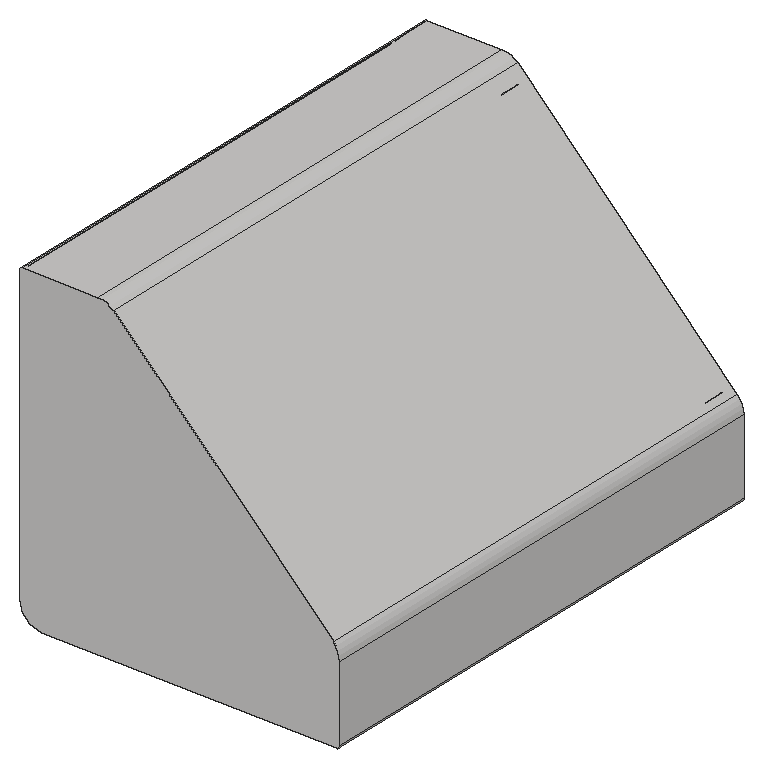
Revit family "xCorner_Waste_Receptacle-Bobrick-Surface_Mounted-B-268", category Specialty Equipment, host Face, Revit 2014
Parameters (values of type "B-268")
  Width = 14 9/16"
  URL = "http://www.bobrick.com/Pages/default.aspx"
  Type Comments = ""
  Specification = "Surface-mounted corner waste receptacle shall be constructed of type 304, 22 gauge (0.8mm) stainless steel with all-welded construction; exposed surfaces shall have satin finish. Top and bottom edges shall be hemmed for safety. Waste receptacle shall have three spot-welded interior hooks and two hooks adhered to the front for attaching the vinyl liner. Waste receptacle shall have a capacity of 1.8 cu. ft. (13.4 gallons) and be furnished with a vinyl liner."
  Product Page URL = "http://www.bobrick.com/washroomaccessories/Pages/Products.aspx?Category%3dCombination+Towel%2fWaste+Units"
  Price = "Prices may vary. Please consult Manufacturer Representative for most up-to-date price list."  # constant formula
  Model = "B-268"
  Material = "Metal-Bobrick-304-Stainless Steel-Satin finish\r\n\r\nMetal-Bobrick-304-Stainless Steel-Satin finish"
  Manufacturer = "Bobrick"
  Length = 20 9/16"
  Installation Type = "Surface Mounted"
  Height = 23"
  Description = "Surface-Mounted Corner Waste Receptacle"
  Default Elevation = 40"
  Creation Date = "07/26/2016"
  Assembly Code = "E2010"
Reference planes (in)
  plane 1 "Center (Front/Back)": y = 0
  plane 2: z = 0
  plane 3 "Center (Left/Right)": x = 0
  plane 4: x = 14.562437
  plane 5: z = 0.4738875
  plane 6: x = 0.0299966
  plane 7: x = 0.033933
  plane 8: x = 0.0599934
  plane 9: x = 0.0639303
  plane 10: through (4.1679569, 43.8897621, 13.6938925) normal (-0.7071, 0, -0.7071)
  plane 11: through (0.7463732, 43.8897621, 0.5218818) normal (0.7071, 0, 0.7071)
  plane 12: x = 0.4738875
  plane 13: through (13.468479, 43.8897621, 4.3933704) normal (-0.7071, 0, -0.7071)
  plane 14: through (5.899359, 0, 12.5039884) normal (-0.7071, 0, -0.7071)
  plane 15: z = 14.471509
  plane 16: z = 14.5625
  plane 17: x = 0.0899904
  plane 18: x = 14.4724466
  plane 19: z = 0.0899904
Forms (in)
  Extrusion 1, void
    sketch origin (14.562437, -23, 0) x (-1, 0, 0) y (0, -1, 0)
      loop
        circle (3.5312185, -18.125) r 0.125
      loop
        circle (11.2812185, -18.125) r 0.125
      loop
        circle (11.2812185, -4.875) r 0.125
      loop
        circle (3.5312185, -4.875) r 0.125
    from -0.3254342 to 0.529945
  Extrusion 2, solid, material "Stainless Steel-Bobrick-Type 304-Satin"
    sketch origin (0, -23, 0) x (1, 0, 0) y (0, 0, -1)
      loop
        arc (14.2090193, -4.1957426) -> (14.4039841, -3.9039573) -> (14.4724466, -3.5597731) r 0.8993968
        line (14.4724466, -3.5597731) -> (14.4724466, -0.1220516)
        arc (14.4724466, -0.1220516) -> (14.463056, -0.0993809) -> (14.4403854, -0.0899904) r 0.0320612
        line (14.4403854, -0.0899904) -> (1, -0.0899904)
        arc (1, -0.0899904) -> (0.356526, -0.356526) -> (0.0899904, -1) r 0.9100096
        line (0.0899904, -1) -> (0.0899904, -14.4426284)
        arc (0.0899904, -14.4426284) -> (0.0987424, -14.4637576) -> (0.1198716, -14.4725096) r 0.0298812
        line (0.1198716, -14.4725096) -> (3.5576003, -14.4725096)
        arc (3.5576003, -14.4725096) -> (3.9037337, -14.4036594) -> (4.1971714, -14.2075906) r 0.9044901
        line (4.1971714, -14.2075906) -> (14.2090193, -4.1957426)
    from 0 to 0.09375
  Extrusion 3, solid, material "Stainless Steel-Bobrick-Type 304-Satin"
    sketch origin (13.6548756, 20.1773057, -112.7031678) x (0, 0, 1) y (0, 1, 0)
      loop
        line (112.7371008, -20.7085557) -> (112.7371008, -21.6286986)
        arc (112.7371008, -21.6286986) -> (112.9570781, -21.8486759) -> (113.1770553, -21.6286986) r 0.2199772
        line (113.1770553, -21.6286986) -> (113.1458053, -21.6286986)
        arc (113.1458053, -21.6286986) -> (112.9570781, -21.8174259) -> (112.7683508, -21.6286986) r 0.1887272
        line (112.7683508, -21.6286986) -> (112.7683508, -20.7085557) -> (112.7371008, -20.7085557)
    from 0 to 0.3125
  Sweep 4, solid, material "Stainless Steel-Bobrick-Type 304-Satin"
    path origin (0, -23, 0) x (1, 0, 0) y (0, 0, -1)
      loop
        line (0, -1) -> (0, -14.4426284)
        arc (0, -14.4426284) -> (0.0351096, -14.5273904) -> (0.1198716, -14.5625) r 0.1198716
        line (0.1198716, -14.5625) -> (3.5576003, -14.5625)
        arc (3.5576003, -14.5625) -> (3.9381715, -14.4867997) -> (4.2608042, -14.2712234) r 0.9944805
        line (4.2608042, -14.2712234) -> (14.2726522, -4.2593754)
        arc (14.2726522, -4.2593754) -> (14.4871243, -3.9383951) -> (14.562437, -3.5597731) r 0.9893871
        line (14.562437, -3.5597731) -> (14.562437, -0.1220516)
        arc (14.562437, -0.1220516) -> (14.5266889, -0.0357481) -> (14.4403854, 0) r 0.1220516
        line (14.4403854, 0) -> (1, 0)
        arc (1, 0) -> (0.2928932, -0.2928932) -> (0, -1) r 1
    profile origin (0, -23, 7.7213142) x (1, 0, 0) y (0, 1, 0)
      loop
        line (0, 0) -> (0.0899904, 0) -> (0.0899904, 21) -> (0.033933, 21.8687716) -> (0.033933, 23) -> (0, 23) -> (0, 0)
  Extrusion 5, solid, material "Stainless Steel-Bobrick-Type 304-Satin"
    sketch origin (84.1984656, 20.1773057, 93.7199104) x (-0.707107, 0, -0.707107) y (0, 1, 0)
      loop
        line (112.7371008, -20.7085557) -> (112.7371008, -21.6286986)
        arc (112.7371008, -21.6286986) -> (112.9570781, -21.8486759) -> (113.1770553, -21.6286986) r 0.2199772
        line (113.1770553, -21.6286986) -> (113.1458053, -21.6286986)
        arc (113.1458053, -21.6286986) -> (112.9570781, -21.8174259) -> (112.7683508, -21.6286986) r 0.1887272
        line (112.7683508, -21.6286986) -> (112.7683508, -20.7085557) -> (112.7371008, -20.7085557)
    from 0 to 0.3125
  Extrusion 6, solid, material "Stainless Steel-Bobrick-Type 304-Satin"
    sketch origin (-79.2841355, 20.1773057, -79.5041361) x (0.707107, 0, 0.707107) y (0, 1, 0)
      loop
        line (112.7371008, -20.7085557) -> (112.7371008, -21.6286986)
        arc (112.7371008, -21.6286986) -> (112.9570781, -21.8486759) -> (113.1770553, -21.6286986) r 0.2199772
        line (113.1770553, -21.6286986) -> (113.1458053, -21.6286986)
        arc (113.1458053, -21.6286986) -> (112.9570781, -21.8174259) -> (112.7683508, -21.6286986) r 0.1887272
        line (112.7683508, -21.6286986) -> (112.7683508, -20.7085557) -> (112.7371008, -20.7085557)
    from 0 to 0.3125
  Extrusion 7, solid, material "Stainless Steel-Bobrick-Type 304-Satin"
    sketch origin (-112.7031678, 20.1773057, 13.6549062) x (0, -1, 0) y (1, 0, 0)
      loop
        line (20.7085557, 112.7371008) -> (21.6286986, 112.7371008)
        arc (21.6286986, 112.7371008) -> (21.8486759, 112.9570781) -> (21.6286986, 113.1770553) r 0.2199772
        line (21.6286986, 113.1770553) -> (21.6286986, 113.1458053)
        arc (21.6286986, 113.1458053) -> (21.8174259, 112.9570781) -> (21.6286986, 112.7683508) r 0.1887272
        line (21.6286986, 112.7683508) -> (20.7085557, 112.7683508) -> (20.7085557, 112.7371008)
    from 0 to 0.3125
  Extrusion 8, solid, material "Stainless Steel-Bobrick-Type 304-Satin"
    sketch origin (93.4989877, 20.1773057, 84.4193883) x (-0.707107, 0, -0.707107) y (0, 1, 0)
      loop
        line (112.7371008, -20.7085557) -> (112.7371008, -21.6286986)
        arc (112.7371008, -21.6286986) -> (112.9570781, -21.8486759) -> (113.1770553, -21.6286986) r 0.2199772
        line (113.1770553, -21.6286986) -> (113.1458053, -21.6286986)
        arc (113.1458053, -21.6286986) -> (112.9570781, -21.8174259) -> (112.7683508, -21.6286986) r 0.1887272
        line (112.7683508, -21.6286986) -> (112.7683508, -20.7085557) -> (112.7371008, -20.7085557)
    from 0 to 0.3125
Cuts and joins
  Extrusion 1 cuts Sweep 4
  joined: Extrusion 2, Sweep 4
Lines and regions (in)
  Masking region 1
    outline origin (0, 0, 0) x (1, 0, 0) y (0, 0, 1)
      loop
        line (14.2726522, 4.2593754) -> (4.2608042, 14.2712234)
        arc (4.2608042, 14.2712234) -> (3.9381715, 14.4867997) -> (3.5576003, 14.5625) r 0.9944805
        line (3.5576003, 14.5625) -> (0.1198716, 14.5625)
        arc (0.1198716, 14.5625) -> (0.0351096, 14.5273904) -> (0, 14.4426284) r 0.1198716
        line (0, 14.4426284) -> (0, 1)
        arc (0, 1) -> (0.2928932, 0.2928932) -> (1, 0) r 1
        line (1, 0) -> (14.4403854, 0)
        arc (14.4403854, 0) -> (14.5266889, 0.0357481) -> (14.562437, 0.1220516) r 0.1220516
        line (14.562437, 0.1220516) -> (14.562437, 3.5597731)
        arc (14.562437, 3.5597731) -> (14.4871243, 3.9383951) -> (14.2726522, 4.2593754) r 0.9893871
  symbolic lines, detail levels medium+fine
    curve 1: arc (3.5638664, 0, 14.471509) -> (3.9038281, 0, 14.4038864) -> (4.1920338, 0, 14.2113136) r 0.8883628
    curve 2: line (4.1920338, 0, 14.2113136) -> (4.4409513, 0, 13.9623961)
    curve 3: arc (14.2074832, 0, 4.1958641) -> (14.4028445, 0, 3.9034853) -> (14.4714462, 0, 3.558601) r 0.9012261
    curve 4: line (14.4714462, 0, 3.558601) -> (14.4714462, 0, 0.1180152)
    curve 5: arc (14.4714462, 0, 0.1180152) -> (14.463238, 0, 0.0981988) -> (14.4434215, 0, 0.0899905) r 0.0280247
    curve 6: line (14.4434215, 0, 0.0899905) -> (13.6548756, 0, 0.0899905)
    curve 7: arc (0.999356, 0, 0.0899905) -> (0.7247692, 0, 0.1324375) -> (0.4758164, 0, 0.2558158) r 0.9093656
    curve 8: line (0.0899904, 0, 0.9993561) -> (0.0899904, 0, 13.6549062)
    curve 9: arc (0.0899904, 0, 14.4456459) -> (0.0975655, 0, 14.4639339) -> (0.1158535, 0, 14.471509) r 0.0258631
    curve 10: line (0.1158535, 0, 14.471509) -> (3.5638664, 0, 14.471509)
    curve 11: line (4.1702023, 0, 13.6916471) -> (4.4812971, 0, 14.0027419)
    curve 12: line (4.1702023, 0, 13.6916471) -> (4.3911732, 0, 13.4706763)
    curve 13: line (4.3911732, 0, 13.4706763) -> (4.702268, 0, 13.7817711)
    curve 15: line (4.6619221, 0, 13.7414252) -> (13.7414734, 0, 4.661874)
    curve 16: line (0.033933, 0, 13.9674062) -> (0.4738875, 0, 13.9674062)
    curve 17: line (0.4738875, 0, 13.9674062) -> (0.4738875, 0, 13.6549062)
    curve 18: line (0.4738875, 0, 13.6549062) -> (0.033933, 0, 13.6549062)
    curve 20: line (0.0899904, 0, 13.9674062) -> (0.0899904, 0, 14.4456459)
    curve 21: line (0.5231569, 0, 0.7450981) -> (0.2149907, 0, 0.4369318)
    curve 22: line (0.5231569, 0, 0.7450981) -> (0.7441278, 0, 0.5241272)
    curve 23: line (0.7441278, 0, 0.5241272) -> (0.4358025, 0, 0.2158019)
    curve 26: arc (0.2550148, 0, 0.4769559) -> (0.1322274, 0, 0.7254332) -> (0.0899904, 0, 0.9993561) r 0.9093656
    curve 27: line (13.6548756, 0, 0.033933) -> (13.6548756, 0, 0.4738875)
    curve 28: line (13.6548756, 0, 0.4738875) -> (13.3423756, 0, 0.4738875)
    curve 29: line (13.3423756, 0, 0.4738875) -> (13.3423756, 0, 0.033933)
    curve 31: line (13.3423756, 0, 0.0899905) -> (0.999356, 0, 0.0899905)
    curve 35: line (13.6916953, 0, 4.1701542) -> (13.4707244, 0, 4.391125)
    curve 36: line (13.4707244, 0, 4.391125) -> (13.7818192, 0, 4.7022198)
    curve 37: line (14.0027901, 0, 4.481249) -> (13.6916953, 0, 4.1701542)
    curve 40: line (13.9624442, 0, 4.4409031) -> (14.2074832, 0, 4.1958641)
  symbolic lines, detail levels fine
    curve 14: line (4.4132703, 0, 13.4927734) -> (4.1922994, 0, 13.7137442)
    curve 19: line (0.4426375, 0, 13.6549062) -> (0.4426375, 0, 13.9674062)
    curve 24: line (0.7220307, 0, 0.5020301) -> (0.5010599, 0, 0.723001)
    curve 25: line (0.4551301, 0, 0.2351295) -> (0.2341592, 0, 0.4561004)
    curve 30: line (13.3423756, 0, 0.4426375) -> (13.6548756, 0, 0.4426375)
    curve 32: line (13.6548756, 0, 0.065183) -> (13.3423756, 0, 0.065183)
    curve 33: line (4.4592, 0, 13.9806449) -> (4.6801709, 0, 13.759674)
    curve 34: line (0.065183, 0, 13.9674062) -> (0.065183, 0, 13.6549062)
    curve 38: line (13.7137924, 0, 4.1922513) -> (13.4928215, 0, 4.4132221)
    curve 39: line (13.7597221, 0, 4.6801227) -> (13.980693, 0, 4.4591519)
    curve 41: line (3.5576003, 0, 14.528567) -> (0.1198716, 0, 14.528567)
    curve 42: arc (0.1198716, 0, 14.528567) -> (0.0591038, 0, 14.5033962) -> (0.033933, 0, 14.4426284) r 0.0859386
    curve 43: line (0.033933, 0, 14.4426284) -> (0.033933, 0, 1)
    curve 44: arc (0.033933, 0, 1) -> (0.3168875, 0, 0.3168875) -> (1, 0, 0.033933) r 0.966067
    curve 45: line (1, 0, 0.033933) -> (14.4403854, 0, 0.033933)
    curve 46: arc (14.4403854, 0, 0.033933) -> (14.5026946, 0, 0.0597424) -> (14.5285039, 0, 0.1220516) r 0.0881186
    curve 47: line (14.5285039, 0, 0.1220516) -> (14.5285039, 0, 3.5597731)
    curve 48: arc (14.5285039, 0, 3.5597731) -> (14.4557743, 0, 3.9254095) -> (14.2486579, 0, 4.2353812) r 0.9554541
    curve 49: line (14.2486579, 0, 4.2353812) -> (4.2368099, 0, 14.2472291)
    curve 50: arc (4.2368099, 0, 14.2472291) -> (3.9251859, 0, 14.4554497) -> (3.5576003, 0, 14.528567) r 0.9605475
Dimensions and locks (in)
  aligned and locked: plane 2 to host face
  aligned and locked: level to host face
